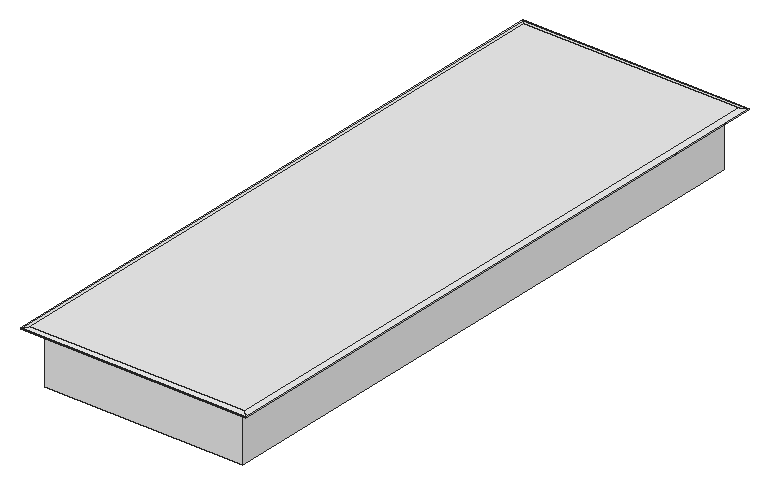
Revit family "Panel_Leviton_Indoor_42Pos", category Electrical Equipment, Revit 2026
Family settings
  Panel Configuration = Two Columns, Circuits Across
  Round Connector Dimension = Use Diameter
  Part Type = Panelboard
  Classification Number = 23.80.30.11.17
  Work Plane-Based = Yes
  Always vertical = No
  Cut with Voids When Loaded = No
  Maintain Annotation Orientation = No
  Shared = No
  Room Calculation Point = No
Parameters (values of type "LP420-MB - 240V / 200A")
  Voltage_MEP = 208 V
  Voltage Comments = "208"
  Unit Width = 0.000"
  Unit Height = 0.000"
  Unit Depth = 0.000"
  Test Data = ""
  built-in parameter 1140142 [instance] = -1
  Specification = ""
  Show Open in Plan [instance] = yes
  Sales Information = ""
  Revision = ""
  Recess [instance] = 2.000"
  Product Data = ""
  Overall Width = 16.250"
  Overall Height = 45.330"
  Neutral Rating = 100.00%
  built-in parameter 1140081 [instance] = (empty or 0)
  Model = "LP420-MB"
  built-in parameter 1140079 [instance] = 42
  Manufacturer Website = ""
  Manufacturer Phone - Toll Free = ""
  Manufacturer Phone = ""
  Manufacturer Fax = ""
  Manufacturer Address = ""
  Mains Type = "Main Breaker "
  built-in parameter 1140082 [instance] = 100 (stored number, unit not read)
  built-in parameter 1140140 [instance] = 200 (stored number, unit not read)
  Load Classification [instance] = Other
  Installation-Fabrication = ""
  Green Building-LEED = ""
  built-in parameter 1155100 [instance] = -1
  built-in parameter 1140138 [instance] = (empty or 0)
  Face Overlap = 0.980"
  Drawn By = ""
  built-in parameter 1140064 [instance] = (empty or 0)
  Description = "Indoor Load Center; NEMA 1; with Main Circuit Breaker; 200A; 42 Spaces; 22 KA interrupt rating; Enclosure and Interior only"
  Default Elevation = 48.000"
  Copyright = ""
  Construction Details = ""
  Closed [instance] = not(Show Open in Plan)  # no
  Category = ""
  built-in parameter 1140143 = (empty or 0)
  Building Codes = ""
  Body = Galvanized Steel_White Powder Coat
Reference planes (in)
  plane 1 "Center (Front/Back)": y = 0
  plane 2: z = 0
  plane 3 "Center (Left/Right)": x = 0
  plane 4 "DoorBack": y = 45.33
  plane 5 "Left": x = -8.125
  plane 6 "Right": x = 8.125
  plane 7 "Back": z = -2
  plane 8 "Front": z = 1.8
  plane 9 "DoorFront": z = 2.125
  plane 10: x = -7.145
  plane 11: x = 7.145
  plane 12: y = 44.35
  plane 13: y = 0.98
  plane 14: y = 22.665
  plane 15: x = -6.25066
  plane 16: x = -5.30056
  plane 17: x = 6.25066
  plane 18: x = 5.30056
  plane 19: y = 35.26687
  plane 20: y = 36.21687
  plane 21: y = 3.98687
  plane 22: y = 4.93687
Forms (in)
  Extrusion 1, solid, material "Galvanized Steel_White Powder Coat" <- "Body"
    sketch origin (0, 0, -2) x (-1, 0, 0) y (0, -1, 0)
      loop
        line (7.145, -44.35) -> (7.145, -0.98) -> (-7.145, -0.98) -> (-7.145, -44.35) -> (7.145, -44.35)
    from 0 to 3.8
  Extrusion 2, solid, material "Galvanized Steel_White Powder Coat" <- "Body"
    sketch origin (0, 0, 1.8) x (-1, 0, 0) y (0, -1, 0)
      loop
        line (8.125, -45.33) -> (8.125, 0) -> (-8.125, 0) -> (-8.125, -45.33) -> (8.125, -45.33)
    from 0 to 0.063
  Blend 3, solid, material "Galvanized Steel_White Powder Coat" <- "Body"
    base sketch origin (0, 0, 1.8) x (-1, 0, 0) y (0, -1, 0)
      loop
        line (-8.125, -45.33) -> (8.125, -45.33) -> (8.125, 0) -> (-8.125, 0) -> (-8.125, -45.33)
    top sketch origin (0, 0, 1.8) x (-1, 0, 0) y (0, -1, 0)
      loop
        line (-7.745, -44.95) -> (7.745, -44.95) -> (7.745, -0.38) -> (-7.745, -0.38) -> (-7.745, -44.95)
    from 0.063 to 0.13
  Blend 4, solid, material "Galvanized Steel_White Powder Coat" <- "Body", visible <- "Closed"
    base sketch origin (0, 0, 1.8) x (-1, 0, 0) y (0, -1, 0)
      loop
        arc (4.90066, -36.21687) -> (5.85525, -35.82146) -> (6.25066, -34.86687) r 1.35
        line (6.25066, -34.86687) -> (6.25066, -5.33687)
        arc (6.25066, -5.33687) -> (5.85525, -4.38227) -> (4.90066, -3.98687) r 1.35
        line (4.90066, -3.98687) -> (-4.90066, -3.98687)
        arc (-4.90066, -3.98687) -> (-5.85525, -4.38227) -> (-6.25066, -5.33687) r 1.35
        line (-6.25066, -5.33687) -> (-6.25066, -34.86687)
        arc (-6.25066, -34.86687) -> (-5.85525, -35.82146) -> (-4.90066, -36.21687) r 1.35
        line (-4.90066, -36.21687) -> (4.90066, -36.21687)
    top sketch origin (0, 0, 1.8) x (-1, 0, 0) y (0, -1, 0)
      loop
        arc (4.90056, -35.26687) -> (5.1834, -35.14971) -> (5.30056, -34.86687) r 0.4
        line (5.30056, -34.86687) -> (5.30056, -5.33687)
        arc (5.30056, -5.33687) -> (5.1834, -5.05403) -> (4.90056, -4.93687) r 0.4
        line (4.90056, -4.93687) -> (-4.90056, -4.93687)
        arc (-4.90056, -4.93687) -> (-5.1834, -5.05403) -> (-5.30056, -5.33687) r 0.4
        line (-5.30056, -5.33687) -> (-5.30056, -34.86687)
        arc (-5.30056, -34.86687) -> (-5.1834, -35.14971) -> (-4.90056, -35.26687) r 0.4
        line (-4.90056, -35.26687) -> (4.90056, -35.26687)
    from 0.13 to 0.325
  Blend 5, solid, material "Black", visible <- "Closed", detail levels fine
    base sketch origin (0.96316, -0.72503, 2.125) x (-1, 0, 0) y (0, -1, 0)
      loop
        line (-1.4525, -21.45439) -> (-1.4525, -19.20439) -> (-3.7025, -19.20439) -> (-3.7025, -21.45439) -> (-1.4525, -21.45439)
    top sketch origin (0.96316, -0.72503, 2.125) x (-1, 0, 0) y (0, -1, 0)
      loop
        line (-1.7025, -21.20439) -> (-1.7025, -19.45439) -> (-3.4525, -19.45439) -> (-3.4525, -21.20439) -> (-1.7025, -21.20439)
    from 0 to 0.25
  Extrusion 6, void
    sketch origin (0, 0, 2.125) x (-1, 0, 0) y (0, -1, 0)
      loop
        line (-3.59066, -34.00687) -> (3.59066, -34.00687)
        arc (3.59066, -34.00687) -> (3.90886, -33.87507) -> (4.04066, -33.55687) r 0.45
        line (4.04066, -33.55687) -> (4.04066, -6.64687)
        arc (4.04066, -6.64687) -> (3.90886, -6.32867) -> (3.59066, -6.19687) r 0.45
        line (3.59066, -6.19687) -> (-3.59066, -6.19687)
        arc (-3.59066, -6.19687) -> (-3.90886, -6.32867) -> (-4.04066, -6.64687) r 0.45
        line (-4.04066, -6.64687) -> (-4.04066, -17.72187)
        arc (-4.04066, -17.72187) -> (-3.90886, -18.04007) -> (-3.59066, -18.17187) r 0.45
        line (-3.59066, -18.17187) -> (-2.49066, -18.17187)
        arc (-2.49066, -18.17187) -> (-2.17246, -18.30367) -> (-2.04066, -18.62187) r 0.45
        line (-2.04066, -18.62187) -> (-2.04066, -20.72187)
        arc (-2.04066, -20.72187) -> (-2.17246, -21.04007) -> (-2.49066, -21.17187) r 0.45
        line (-2.49066, -21.17187) -> (-3.59066, -21.17187)
        arc (-3.59066, -21.17187) -> (-3.90886, -21.30367) -> (-4.04066, -21.62187) r 0.45
        line (-4.04066, -21.62187) -> (-4.04066, -33.55687)
        arc (-4.04066, -33.55687) -> (-3.90886, -33.87507) -> (-3.59066, -34.00687) r 0.45
    from 0 to -0.125
Cuts and joins
  Extrusion 6 cuts Blend 4
  Extrusion 6 cuts Blend 5
Dimensions and locks (in)
  "Recess": level to plane 7 "Back"
  locked: plane 8 "Front" to plane 7 "Back" at 3.8
  locked: plane 9 "DoorFront" to plane 7 "Back" at 4.125
  plane 6 "Right" to plane 5 "Left" = 16.250"
  equal spacing: plane 6 "Right", plane 3 "Center (Left/Right)", plane 5 "Left"
  equal spacing: plane 1 "Center (Front/Back)", plane 14, plane 4 "DoorBack"
  "Overall Height": plane 1 "Center (Front/Back)" to plane 4 "DoorBack"
  "Overall Width": plane 5 "Left" to plane 6 "Right"
  "Face Overlap": plane 11 to plane 6 "Right"
  "Face Overlap": plane 5 "Left" to plane 10
  "Face Overlap": plane 1 "Center (Front/Back)" to plane 13
  "Face Overlap": plane 12 to plane 4 "DoorBack"
  locked: Extrusion 2 to plane 8 "Front" at 0.063
  locked: Blend 3 to plane 8 "Front" at 0.13
  Extrusion 6 sketch curve to plane 21 = 14.185"
  plane 1 "Center (Front/Back)" to plane 21 to plane 20 = 3.98687", 32.230"
  aligned and locked: level to plane 2
  aligned and locked: Extrusion 1 sketch curve to plane 12
  aligned and locked: plane 10 to Extrusion 1 sketch curve
  aligned and locked: plane 13 to Extrusion 1 sketch curve
  aligned and locked: Extrusion 1 sketch curve to plane 11
  aligned and locked: plane 8 "Front" to Extrusion 1
  aligned and locked: nested 1 to plane 7 "Back"
  aligned and locked: plane 3 "Center (Left/Right)" to nested 1
  aligned and locked: plane 4 "DoorBack" to Extrusion 2 sketch curve
  aligned and locked: plane 5 "Left" to Extrusion 2 sketch curve
  aligned and locked: Extrusion 2 sketch curve to plane 1 "Center (Front/Back)"
  aligned and locked: Extrusion 2 sketch curve to plane 6 "Right"
  aligned and locked: Blend 3 sketch curve to Extrusion 2  (x4)
  aligned and locked: Blend 4 sketch curve to plane 20
  aligned and locked: Blend 4 sketch curve to plane 15
  aligned and locked: plane 21 to Blend 4 sketch curve
  aligned and locked: plane 17 to Blend 4 sketch curve
  aligned and locked: Blend 4 sketch curve to plane 19
  aligned and locked: Blend 4 sketch curve to plane 16
  aligned and locked: plane 22 to Blend 4 sketch curve
  aligned and locked: plane 18 to Blend 4 sketch curve
  aligned and locked: plane 9 "DoorFront" to Blend 4
  aligned and locked: plane 1 "Center (Front/Back)" to nested 2
  aligned and locked: plane 5 "Left" to nested 2
  aligned and locked: plane 12 to nested 3
Automatic sketch dimensions
  Blend 3 sketch curve to plane 6 "Right" = 0.380"
  plane 5 "Left" to Blend 3 sketch curve = 0.380"
  plane 4 "DoorBack" to Blend 3 sketch curve = 0.380"
  Blend 3 sketch curve to plane 1 "Center (Front/Back)" = 0.380"
  plane 18 to Blend 4 sketch curve = 0.3999"  (x2)
  Blend 4 sketch curve to plane 16 = 0.3999"  (x2)
  Blend 4 sketch curve to Blend 4 sketch curve = 0.400"
  plane 18 to Blend 4 sketch curve = 0.400"
  Blend 4 sketch curve to plane 16 = 0.400"  (x2)
  plane 18 to Blend 5 sketch curve = 0.6349"
  plane 3 "Center (Left/Right)" to Blend 5 sketch curve = 2.41566"
  Blend 5 sketch curve to plane 14 = 1.93563"
  Blend 5 sketch curve to Blend 5 sketch curve = 2.250"
  plane 18 to Blend 5 sketch curve = 0.8849"
  plane 3 "Center (Left/Right)" to Blend 5 sketch curve = 2.66566"
  Blend 5 sketch curve to plane 14 = 2.18563"
  Blend 5 sketch curve to Blend 5 sketch curve = 1.750"
  plane 18 to Extrusion 6 sketch curve = 1.2599"  (x2)
  Extrusion 6 sketch curve to Extrusion 6 sketch curve = 0.450"  (x6)
  Extrusion 6 sketch curve to Extrusion 6 sketch curve = 1.100"  (x2)
  Extrusion 6 sketch curve to plane 16 = 1.7099"  (x2)
  Extrusion 6 sketch curve to Extrusion 6 sketch curve = 2.100"
  Extrusion 6 sketch curve to plane 19 = 1.710"
  plane 22 to Extrusion 6 sketch curve = 1.710"
Nested families (in)
  nested 1: "TopView" at (0, 0, -2) x (1, 0, 0) z (0, -1, 0), type "TopView"
  nested 2: "FrontView_42pos" at (-8.125, 0, 1.93), type "FrontView"
  nested 3: "SideView" at (0, 44.35, -2) x (0, -1, 0) z (1, 0, 0), type ""
Definition of nested family "TopView"
  Parameters
    Door Open = no
    Door Closed = not(Door Open)  # yes
  Reference planes (in)
    plane 1 "Center (Front/Back)": y = 0
    plane 2: z = 0
    plane 3 "Center (Left/Right)": x = 0
  Lines and regions (in)
    model lines, in view "Ref. Level", detail levels medium+fine
      curve 1: line (4.94027, 3.90972, 0) -> (4.94027, 3.80065, 0)
      curve 38: arc (-4.83599, 4.22807, 0) -> (-4.87112, 4.19359, 0) -> (-4.884, 4.14609, 0) r 0.09401
      curve 39: arc (-4.69598, 4.14609, 0) -> (-4.72308, 4.21212, 0) -> (-4.78875, 4.24009, 0) r 0.09401
      curve 40: arc (-4.66798, 4.14609, 0) -> (-4.70327, 4.23192, 0) -> (-4.78875, 4.26809, 0) r 0.12201
      curve 41: arc (-4.83599, 4.25909, 0) -> (-4.89127, 4.21412, 0) -> (-4.912, 4.14594, 0) r 0.12201
      curve 110: arc (7.02974, 0.06351, 0) -> (7.05223, 0.07285, 0) -> (7.06149, 0.09537, 0) r 0.03175
      curve 111: arc (7.02974, 0, 0) -> (7.09704, 0.02784, 0) -> (7.125, 0.0951, 0) r 0.09526
      curve 112: arc (-7.06149, 0.09526, 0) -> (-7.05219, 0.07281, 0) -> (-7.02974, 0.06351, 0) r 0.03175
      curve 113: arc (-7.125, 0.0951, 0) -> (-7.09704, 0.02784, 0) -> (-7.02974, 0, 0) r 0.09526
      curve 224: line (-4.69598, 4.14609, 0) -> (-4.69598, 4.12674, 0)
      curve 225: line (-4.90052, 3.90972, 0) -> (-4.884, 4.12674, 0)
      curve 226: line (-4.884, 4.12674, 0) -> (-4.884, 4.14609, 0)
      curve 227: line (-4.66798, 4.12674, 0) -> (-4.66798, 4.14609, 0)
      curve 245: line (-8.11885, 3.80065, 0) -> (8.11885, 3.80065, 0)
      curve 246: line (8.11885, 3.80065, 0) -> (8.12672, 3.85918, 0)
      curve 247: line (8.12672, 3.85918, 0) -> (-8.12672, 3.85918, 0)
      curve 248: line (-8.12672, 3.85918, 0) -> (-8.11885, 3.80065, 0)
      curve 249: line (-8.12672, 3.85918, 0) -> (-7.75082, 3.90972, 0)
      curve 250: line (-7.75082, 3.90972, 0) -> (7.75082, 3.90972, 0)
      curve 251: line (7.75082, 3.90972, 0) -> (8.12672, 3.85918, 0)
      curve 252: line (-6.25066, 3.90972, 0) -> (-5.30056, 4.12674, 0)
      curve 253: line (-4.912, 4.12674, 0) -> (-4.912, 4.14594, 0)
      curve 254: line (4.90052, 3.90972, 0) -> (4.90052, 4.12674, 0)
      curve 255: line (4.90052, 4.12674, 0) -> (5.30056, 4.12674, 0)
      curve 256: line (5.30056, 4.12674, 0) -> (6.25066, 3.90972, 0)
      curve 257: line (4.90052, 4.12674, 0) -> (-5.30056, 4.12674, 0)
      curve 266: line (6.93873, 0.09526, 0) -> (6.93873, 0.18127, 0)
      curve 267: line (6.93873, 0.18127, 0) -> (6.96573, 0.18127, 0)
      curve 268: line (6.96573, 0.18127, 0) -> (6.96573, 3.67839, 0)
      curve 269: line (6.95573, 3.67839, 0) -> (6.95573, 3.74239, 0)
      curve 270: line (6.95573, 3.74239, 0) -> (7.05781, 3.74239, 0)
      curve 271: line (7.05824, 3.7554, 0) -> (5.65059, 3.7554, 0)
      curve 272: line (5.65059, 3.7554, 0) -> (5.65059, 3.73064, 0)
      curve 273: line (5.65059, 3.73064, 0) -> (5.35056, 3.73064, 0)
      curve 274: line (5.35056, 3.73064, 0) -> (5.35056, 3.7554, 0)
      curve 275: line (5.35056, 3.7554, 0) -> (-5.35056, 3.7554, 0)
      curve 276: line (-5.35056, 3.7554, 0) -> (-5.35056, 3.73064, 0)
      curve 277: line (-5.35056, 3.73064, 0) -> (-5.65059, 3.73064, 0)
      curve 278: line (-5.65059, 3.73064, 0) -> (-5.65059, 3.7554, 0)
      curve 279: line (-5.65059, 3.7554, 0) -> (-7.05824, 3.7554, 0)
      curve 280: line (-7.05824, 3.74239, 0) -> (-6.95573, 3.74239, 0)
      curve 281: line (-6.95573, 3.74239, 0) -> (-6.95573, 3.67839, 0)
      curve 282: line (-6.96573, 3.67839, 0) -> (-6.96573, 0.18127, 0)
      curve 283: line (-6.96573, 0.18127, 0) -> (-6.93873, 0.18127, 0)
      curve 284: line (-6.93873, 0.18127, 0) -> (-6.93873, 0.09526, 0)
      curve 285: line (-6.93873, 0.09526, 0) -> (6.93873, 0.09526, 0)
      curve 286: line (6.93873, 0.09526, 0) -> (6.93873, 0, 0)
      curve 287: line (6.93873, 0, 0) -> (-6.93873, 0, 0)
      curve 288: line (-6.93873, 0, 0) -> (-6.93873, 0.09526, 0)
      curve 289: line (5.37557, 3.73064, 0) -> (5.37557, 3.78715, 0)
      curve 290: line (5.37557, 3.78715, 0) -> (5.35056, 3.80065, 0)
      curve 291: line (5.35056, 3.80065, 0) -> (5.35056, 3.7554, 0)
      curve 292: line (-5.35056, 3.7554, 0) -> (-5.35056, 3.80065, 0)
      curve 293: line (-5.35056, 3.80065, 0) -> (-5.37557, 3.80065, 0)
      curve 294: line (-5.37557, 3.80065, 0) -> (-5.37557, 3.73064, 0)
      curve 295: line (-7.05567, 3.67839, 0) -> (-7.05824, 3.7554, 0)
      curve 296: line (-7.05824, 3.7554, 0) -> (-7.05824, 3.80065, 0)
      curve 297: line (-7.05824, 3.80065, 0) -> (-7.05824, 0.09526, 0)
      curve 298: line (-5.62559, 3.73064, 0) -> (-5.62559, 3.78715, 0)
      curve 299: line (-5.62559, 3.78715, 0) -> (-5.65059, 3.80065, 0)
      curve 300: line (-5.65059, 3.80065, 0) -> (-5.65059, 3.7554, 0)
      curve 301: line (5.65059, 3.7554, 0) -> (5.65059, 3.80065, 0)
      curve 302: line (5.65059, 3.80065, 0) -> (5.62559, 3.80065, 0)
      curve 303: line (5.62559, 3.80065, 0) -> (5.62559, 3.73064, 0)
      curve 304: line (7.06149, 0.09537, 0) -> (7.06149, 3.80065, 0)
      curve 305: line (7.06149, 3.80065, 0) -> (7.05824, 3.7554, 0)
      curve 306: line (7.05824, 3.7554, 0) -> (7.05567, 3.67839, 0)
      curve 307: line (6.96573, 0.18127, 0) -> (7.06099, 0.18127, 0)
      curve 308: line (7.06099, 0.18127, 0) -> (7.06099, 3.67839, 0)
      curve 309: line (7.06099, 3.67839, 0) -> (6.96573, 3.67839, 0)
      curve 310: line (-6.96573, 3.67839, 0) -> (-7.06099, 3.67839, 0)
      curve 311: line (-7.06099, 3.67839, 0) -> (-7.06099, 0.18127, 0)
      curve 312: line (-7.06099, 0.18127, 0) -> (-6.96573, 0.18127, 0)
      curve 313: line (7.02974, 0, 0) -> (6.96573, 0, 0)
      curve 314: line (6.96573, 0, 0) -> (6.96573, 0.06351, 0)
      curve 315: line (6.96573, 0.06351, 0) -> (7.02974, 0.06351, 0)
      curve 316: line (7.02974, 0.06351, 0) -> (7.02974, 0, 0)
      curve 317: line (-6.96573, 0, 0) -> (-6.96573, 0.06351, 0)
      curve 318: line (-6.96573, 0.06351, 0) -> (-7.02974, 0.06351, 0)
      curve 319: line (-7.02974, 0.06351, 0) -> (-7.02974, 0, 0)
      curve 320: line (-7.02974, 0, 0) -> (-6.96573, 0, 0)
      curve 321: line (-6.96573, 0, 0) -> (-6.93873, 0, 0)
      curve 322: line (7.125, 3.80065, 0) -> (7.125, 0.0951, 0)
      curve 323: line (-6.96573, 0.06351, 0) -> (-6.93873, 0.06351, 0)
      curve 324: line (-7.125, 3.80065, 0) -> (-7.125, 0.0951, 0)
      curve 325: line (6.96573, 0.06351, 0) -> (6.93873, 0.06351, 0)
      curve 326: line (6.96573, 0, 0) -> (6.93873, 0, 0)
      curve 327: line (-6.99216, 3.67839, 0) -> (-6.99216, 3.74239, 0)
      curve 328: line (6.99216, 3.74239, 0) -> (6.99216, 3.67839, 0)
    model lines, in view "Ref. Level", visible <- "Door Open", detail levels medium+fine
      curve 2: line (-4.737, 11.40265, 0) -> (-4.68798, 11.40265, 0)
      curve 3: line (-4.737, 11.34272, 0) -> (-4.68798, 11.34351, 0)
      curve 4: line (-4.68798, 11.34351, 0) -> (-4.41295, 11.35765, 0)
      curve 22: spline (-4.91614, 13.55261, 0) -> (-4.91646, 13.55062, 0) -> (-4.91675, 13.54863, 0) -> (-4.91701, 13.54665, 0) -> (-4.91725, 13.54466, 0) -> (-4.91745, 13.54268, 0) -> (-4.91763, 13.5407, 0) -> (-4.91779, 13.53872, 0) -> (-4.91791, 13.53675, 0) -> (-4.91801, 13.53479, 0) -> (-4.91808, 13.53283, 0) -> (-4.91812, 13.53088, 0) -> (-4.91814, 13.52894, 0)
      curve 23: spline (-4.91814, 11.30157, 0) -> (-4.91812, 11.29963, 0) -> (-4.91808, 11.29768, 0) -> (-4.91801, 11.29572, 0) -> (-4.91791, 11.29376, 0) -> (-4.91779, 11.29179, 0) -> (-4.91763, 11.28982, 0) -> (-4.91745, 11.28784, 0) -> (-4.91725, 11.28585, 0) -> (-4.91701, 11.28387, 0) -> (-4.91675, 11.28188, 0) -> (-4.91646, 11.27989, 0) -> (-4.91614, 11.2779, 0)
      curve 24: arc (-4.91614, 13.57762, 0) -> (-4.91625, 13.56512, 0) -> (-4.91614, 13.55261, 0) r 0.71636
      curve 25: arc (-4.91614, 11.2779, 0) -> (-4.91625, 11.2654, 0) -> (-4.91614, 11.2529, 0) r 0.71643
      curve 26: spline (-4.94036, 13.55593, 0) -> (-4.94066, 13.55367, 0) -> (-4.94092, 13.5514, 0) -> (-4.94115, 13.54914, 0) -> (-4.94134, 13.54688, 0) -> (-4.9415, 13.54462, 0) -> (-4.94162, 13.54237, 0) -> (-4.94171, 13.54012, 0) -> (-4.94177, 13.53787, 0) -> (-4.94179, 13.53563, 0) -> (-4.94177, 13.53339, 0) -> (-4.94173, 13.53116, 0) -> (-4.94164, 13.52894, 0)
      curve 27: arc (-4.94026, 13.55666, 0) -> (-4.9282, 13.55462, 0) -> (-4.91614, 13.55261, 0) r 5.78509
      curve 28: arc (-4.91614, 13.57762, 0) -> (-4.93231, 13.5713, 0) -> (-4.94036, 13.55593, 0) r 0.02476
      curve 29: arc (-4.91614, 11.2779, 0) -> (-4.9282, 11.27589, 0) -> (-4.94026, 11.27385, 0) r 6.20132
      curve 30: spline (-4.94164, 11.30157, 0) -> (-4.94173, 11.29929, 0) -> (-4.94177, 11.297, 0) -> (-4.94179, 11.2947, 0) -> (-4.94176, 11.2924, 0) -> (-4.9417, 11.29009, 0) -> (-4.9416, 11.28778, 0) -> (-4.94147, 11.28546, 0) -> (-4.9413, 11.28314, 0) -> (-4.94109, 11.28082, 0) -> (-4.94085, 11.2785, 0) -> (-4.94057, 11.27618, 0) -> (-4.94026, 11.27385, 0)
      curve 31: arc (-4.94026, 11.27385, 0) -> (-4.93203, 11.25896, 0) -> (-4.91614, 11.2529, 0) r 0.02476
      curve 32: arc (-4.98091, 13.44235, 0) -> (-4.98335, 13.42658, 0) -> (-4.98091, 13.41081, 0) r 0.05201
      curve 33: arc (-4.98091, 11.41971, 0) -> (-4.98335, 11.40394, 0) -> (-4.98091, 11.38816, 0) r 0.05201
      curve 34: arc (-4.91814, 13.5776, 0) -> (-4.93261, 13.57282, 0) -> (-4.94163, 13.56053, 0) r 0.025
      curve 35: arc (-4.94164, 11.27003, 0) -> (-4.93263, 11.2577, 0) -> (-4.91814, 11.25291, 0) r 0.025
      curve 36: arc (-4.98091, 13.44235, 0) -> (-4.98473, 13.42678, 0) -> (-4.98601, 13.41081, 0) r 0.10001
      curve 37: arc (-4.98601, 11.41972, 0) -> (-4.98473, 11.40373, 0) -> (-4.98091, 11.38816, 0) r 0.10001
      curve 42: arc (-4.737, 12.98823, 0) -> (-4.75081, 13.0217, 0) -> (-4.78425, 13.03557, 0) r 0.04725
      curve 43: arc (-4.78425, 4.98523, 0) -> (-4.75086, 4.99904, 0) -> (-4.737, 5.0324, 0) r 0.04725
      curve 114: line (-4.737, 12.95204, 0) -> (-4.58797, 12.95464, 0)
      curve 115: line (-4.58797, 13.20101, 0) -> (-4.78875, 13.20452, 0)
      curve 116: line (-4.737, 11.46515, 0) -> (-4.68798, 11.46274, 0)
      curve 117: line (-4.68798, 11.46274, 0) -> (-4.58797, 11.46448, 0)
      curve 118: line (-4.58797, 11.71086, 0) -> (-4.68798, 11.7126, 0)
      curve 119: line (-4.68798, 11.7126, 0) -> (-4.737, 11.71018, 0)
      curve 120: line (-4.737, 11.34148, 0) -> (-4.68798, 11.34221, 0)
      curve 121: line (-4.68798, 11.34221, 0) -> (-4.70298, 11.31583, 0)
      curve 122: line (-4.70298, 11.31583, 0) -> (-4.41295, 11.31329, 0)
      curve 123: line (-4.41295, 11.78419, 0) -> (-4.58797, 11.78267, 0)
      curve 124: line (-4.58797, 11.78267, 0) -> (-4.58797, 11.58767, 0)
      curve 125: line (-4.58797, 11.58767, 0) -> (-4.58797, 11.39267, 0)
      curve 126: line (-4.58797, 11.39267, 0) -> (-4.41295, 11.39115, 0)
      curve 127: line (-4.41295, 11.39115, 0) -> (-4.68798, 11.38525, 0)
      curve 187: line (-4.94164, 13.52894, 0) -> (-4.91814, 13.52894, 0)
      curve 188: line (-4.91814, 13.52894, 0) -> (-4.91814, 11.30157, 0)
      curve 189: line (-4.91814, 11.30157, 0) -> (-4.94164, 11.30157, 0)
      curve 190: line (-4.94164, 11.30157, 0) -> (-4.94164, 13.52894, 0)
      curve 191: line (-4.94164, 13.52894, 0) -> (-4.98091, 13.41081, 0)
      curve 192: line (-4.98091, 13.41081, 0) -> (-4.98601, 11.41972, 0)
      curve 193: line (-4.83599, 13.55331, 0) -> (-4.91614, 13.55261, 0)
      curve 194: line (-4.91614, 11.2779, 0) -> (-4.83599, 11.2772, 0)
      curve 195: line (-4.91614, 13.57762, 0) -> (-4.83599, 13.57832, 0)
      curve 196: line (-4.83599, 11.2522, 0) -> (-4.91614, 11.2529, 0)
      curve 197: line (-4.98091, 13.41081, 0) -> (-4.98091, 11.41971, 0)
      curve 198: line (-4.98091, 11.41971, 0) -> (-4.94164, 11.30157, 0)
      curve 199: line (-4.98091, 13.44235, 0) -> (-4.94163, 13.56053, 0)
      curve 200: line (-4.94164, 11.27003, 0) -> (-4.98091, 11.38816, 0)
      curve 201: line (-4.68798, 11.7094, 0) -> (-4.68798, 11.8039, 0)
      curve 202: line (-4.68798, 11.8039, 0) -> (-4.62097, 11.80449, 0)
      curve 203: line (-4.62097, 11.80449, 0) -> (-4.62097, 11.82769, 0)
      curve 204: line (-4.68798, 11.34351, 0) -> (-4.68798, 11.40265, 0)
      curve 205: line (-4.68798, 11.40265, 0) -> (-4.68798, 11.46593, 0)
      curve 206: line (-4.33794, 11.31264, 0) -> (-4.33794, 11.82835, 0)
      curve 207: line (-4.33794, 11.82835, 0) -> (-4.41295, 11.82769, 0)
      curve 208: line (-4.41295, 11.82769, 0) -> (-4.41295, 11.31329, 0)
      curve 209: line (-4.41295, 11.31329, 0) -> (-4.33794, 11.31264, 0)
      curve 210: line (-4.70298, 13.20302, 0) -> (-4.70298, 13.41468, 0)
      curve 211: line (-4.70298, 13.41468, 0) -> (-4.33794, 13.41786, 0)
      curve 212: line (-4.33794, 13.41786, 0) -> (-4.33794, 13.27735, 0)
      curve 213: line (-4.33794, 13.27735, 0) -> (-4.58797, 13.27517, 0)
      curve 214: line (-4.58797, 13.27517, 0) -> (-4.58797, 12.88048, 0)
      curve 215: line (-4.58797, 12.88048, 0) -> (-4.33794, 12.8783, 0)
      curve 216: line (-4.33794, 12.8783, 0) -> (-4.33794, 13.27735, 0)
      curve 217: line (-4.41295, 11.82769, 0) -> (-4.70298, 11.82769, 0)
      curve 218: line (-4.70298, 11.82769, 0) -> (-4.70298, 12.95263, 0)
      curve 219: line (-4.33794, 11.82835, 0) -> (-4.33794, 12.8783, 0)
      curve 220: line (-4.78875, 13.41745, 0) -> (-4.62097, 13.41599, 0)
      curve 221: line (-4.62097, 13.41599, 0) -> (-4.61897, 13.60288, 0)
      curve 222: line (-4.61897, 13.60288, 0) -> (-4.57358, 13.58454, 0)
      curve 223: line (-4.57358, 13.58454, 0) -> (-4.50596, 13.42742, 0)
      curve 228: line (-4.78875, 13.89841, 0) -> (-4.83599, 13.89841, 0)
      curve 229: line (-4.83599, 13.89841, 0) -> (-4.83599, 13.52337, 0)
      curve 230: line (-4.83599, 13.52337, 0) -> (-4.78875, 13.52337, 0)
      curve 231: line (-4.78875, 13.52337, 0) -> (-4.78875, 13.89841, 0)
      curve 232: line (-4.83599, 13.52337, 0) -> (-4.83599, 4.49742, 0)
      curve 233: line (-4.83599, 4.49742, 0) -> (-4.78875, 4.49742, 0)
      curve 234: line (-4.78875, 4.49742, 0) -> (-4.78875, 13.52337, 0)
      curve 235: line (-4.83599, 4.12674, 0) -> (-4.83599, 4.49742, 0)
      curve 236: line (-4.78875, 4.12674, 0) -> (-4.78875, 4.49742, 0)
      curve 237: line (-4.78875, 13.03557, 0) -> (-4.78425, 12.53827, 0)
      curve 238: line (-4.737, 12.98823, 0) -> (-4.737, 12.53827, 0)
      curve 239: line (-4.737, 12.53827, 0) -> (-4.78425, 12.53827, 0)
      curve 240: line (-4.78425, 12.53827, 0) -> (-4.78425, 5.48253, 0)
      curve 241: line (-4.78875, 5.48253, 0) -> (-4.737, 5.48253, 0)
      curve 242: line (-4.737, 5.48253, 0) -> (-4.737, 5.0324, 0)
      curve 243: line (-4.737, 12.53827, 0) -> (-4.737, 5.48253, 0)
      curve 244: line (-4.78425, 4.98523, 0) -> (-4.78425, 5.48253, 0)
    model lines, in view "Ref. Level", detail levels fine
      curve 5: line (-5.24241, -0.05001, 0) -> (-5.22042, -0.06276, 0)
      curve 6: line (-5.07101, -0.07859, 0) -> (-5.04971, -0.06624, 0)
      curve 7: line (-5.24064, -0.08229, 0) -> (-5.2204, -0.09403, 0)
      curve 8: line (-5.22001, -0.06613, 0) -> (-5.2412, -0.07842, 0)
      curve 9: line (-5.05113, -0.06207, 0) -> (-5.07193, -0.05001, 0)
      curve 10: line (-5.05096, -0.09342, 0) -> (-5.07065, -0.082, 0)
      curve 11: line (5.04867, -0.05001, 0) -> (5.07066, -0.06276, 0)
      curve 12: line (5.22007, -0.07859, 0) -> (5.24137, -0.06624, 0)
      curve 13: line (5.05044, -0.08229, 0) -> (5.07068, -0.09403, 0)
      curve 14: line (5.07107, -0.06613, 0) -> (5.04989, -0.07842, 0)
      curve 15: line (5.23995, -0.06207, 0) -> (5.21915, -0.05001, 0)
      curve 16: line (5.24012, -0.09342, 0) -> (5.22043, -0.082, 0)
      curve 17: line (-3.25803, -0.09526, 0) -> (-3.22159, -0.11648, 0)
      curve 18: line (-3.03786, -0.14078, 0) -> (-3.01413, -0.12695, 0)
      curve 19: line (-3.00592, -0.11434, 0) -> (-3.03736, -0.09604, 0)
      curve 20: line (-3.22217, -0.12038, 0) -> (-3.24334, -0.13271, 0)
      curve 21: line (0.09254, -0.12054, 0) -> (0.12346, -0.10253, 0)
      curve 44: line (-5.134, -0.11651, 0) -> (-5.07243, -0.10999, 0)
      curve 45: line (-5.2204, -0.09403, 0) -> (-5.07101, -0.07859, 0)
      curve 46: line (-5.22042, -0.06276, 0) -> (-5.08425, -0.05001, 0)
      curve 47: line (-5.134, -0.11651, 0) -> (-5.05396, -0.09964, 0)
      curve 48: line (-5.24064, -0.08229, 0) -> (-5.0956, -0.07159, 0)
      curve 49: line (-5.0956, -0.07159, 0) -> (-5.04971, -0.06624, 0)
      curve 50: line (-5.2412, -0.07842, 0) -> (-5.0956, -0.06768, 0)
      curve 51: line (-5.0956, -0.06768, 0) -> (-5.05113, -0.06207, 0)
      curve 52: line (-5.0609, -0.09621, 0) -> (-5.23213, -0.10463, 0)
      curve 53: line (-5.21919, -0.0973, 0) -> (-5.07065, -0.082, 0)
      curve 54: line (-5.22001, -0.06613, 0) -> (-5.07216, -0.0509, 0)
      curve 55: line (5.15709, -0.11651, 0) -> (5.21865, -0.10999, 0)
      curve 56: line (5.07068, -0.09403, 0) -> (5.22007, -0.07859, 0)
      curve 57: line (5.07066, -0.06276, 0) -> (5.20684, -0.05001, 0)
      curve 58: line (5.15709, -0.11651, 0) -> (5.23712, -0.09964, 0)
      curve 59: line (5.05044, -0.08229, 0) -> (5.19548, -0.07159, 0)
      curve 60: line (5.19548, -0.07159, 0) -> (5.24137, -0.06624, 0)
      curve 61: line (5.04989, -0.07842, 0) -> (5.19548, -0.06768, 0)
      curve 62: line (5.19548, -0.06768, 0) -> (5.23995, -0.06207, 0)
      curve 63: line (5.23018, -0.09621, 0) -> (5.05896, -0.10463, 0)
      curve 64: line (5.07189, -0.0973, 0) -> (5.22043, -0.082, 0)
      curve 65: line (5.07107, -0.06613, 0) -> (5.21893, -0.0509, 0)
      curve 66: line (-3.11662, -0.15089, 0) -> (-3.01152, -0.12419, 0)
      curve 67: line (-3.02263, -0.11939, 0) -> (-3.24334, -0.13271, 0)
      curve 68: line (-3.11014, -0.15089, 0) -> (-3.03786, -0.14078, 0)
      curve 69: line (-3.22159, -0.11648, 0) -> (-3.05778, -0.09526, 0)
      curve 70: line (-3.22217, -0.12038, 0) -> (-3.03736, -0.09604, 0)
      curve 71: line (-3.0522, -0.15089, 0) -> (-3.11014, -0.15089, 0)
      curve 72: line (0.02553, -0.13651, 0) -> (0.09771, -0.12925, 0)
      curve 73: line (-0.04574, -0.13651, 0) -> (0.04183, -0.11951, 0)
      curve 74: line (-0.04574, -0.13651, 0) -> (0.09103, -0.12113, 0)
      curve 75: line (0.09102, -0.12618, 0) -> (0.02553, -0.13651, 0)
      curve 76: arc (0.77424, 0.59341, 0) -> (0, 3.34485, 0) -> (-0.77424, 0.59341, 0) r 1.48466
      curve 77: arc (0.74329, 0.62435, 0) -> (0, 2.8448, 0) -> (-0.74329, 0.62435, 0) r 1.23463
      curve 78: arc (0.70152, 0.66612, 0) -> (0, 2.35975, 0) -> (-0.70152, 0.66612, 0) r 0.9921
      curve 79: arc (-0.74148, 0.62299, 0) -> (0.00022, 0.37554, 0) -> (0.74183, 0.62326, 0) r 1.23463
      curve 80: circle (-5.80061, 1.20013, 0) r 0.9921 normal (0, 0, 1)
      curve 81: circle (-6.20065, 3.00032, 0) r 0.55456 normal (0, 0, 1)
      curve 82: circle (-4.80051, 3.00032, 0) r 0.55456 normal (0, 0, 1)
      curve 83: circle (2.03151, 0.9376, 0) r 0.55456 normal (0, 0, 1)
      curve 84: circle (2.03151, 2.8128, 0) r 0.55456 normal (0, 0, 1)
      curve 85: circle (-2.22023, 3.10633, 0) r 0.43755 normal (0, 0, 1)
      curve 86: circle (-2.22023, 1.9252, 0) r 0.43755 normal (0, 0, 1)
      curve 87: circle (-2.22023, 0.74408, 0) r 0.43755 normal (0, 0, 1)
      curve 88: circle (-3.22034, 2.51576, 0) r 0.43755 normal (0, 0, 1)
      curve 89: circle (-3.22034, 1.33464, 0) r 0.43755 normal (0, 0, 1)
      curve 90: circle (-4.22044, 1.9252, 0) r 0.43755 normal (0, 0, 1)
      curve 91: circle (-4.22044, 0.74408, 0) r 0.43755 normal (0, 0, 1)
      curve 92: circle (2.03151, 0.9376, 0) r 0.43755 normal (0, 0, 1)
      curve 93: circle (0, 1.36764, 0) r 0.68757 normal (0, 0, 1)
      curve 94: circle (0, 1.36764, 0) r 0.43755 normal (0, 0, 1)
      curve 95: circle (2.03151, 2.8128, 0) r 0.43755 normal (0, 0, 1)
      curve 96: circle (-5.80061, 1.20013, 0) r 0.55456 normal (0, 0, 1)
      curve 97: circle (-5.80061, 1.20013, 0) r 0.43755 normal (0, 0, 1)
      curve 98: circle (-4.80051, 3.00032, 0) r 0.43755 normal (0, 0, 1)
      curve 99: circle (-5.80061, 1.20013, 0) r 0.68757 normal (0, 0, 1)
      curve 100: circle (-5.80061, 1.20013, 0) r 0.86709 normal (0, 0, 1)
      curve 101: circle (-6.20065, 3.00032, 0) r 0.43755 normal (0, 0, 1)
      curve 102: circle (3.8004, 1.8752, 0) r 0.55456 normal (0, 0, 1)
      curve 103: circle (3.8004, 1.8752, 0) r 0.43755 normal (0, 0, 1)
      curve 104: circle (5.45057, 1.8526, 0) r 0.43755 normal (0, 0, 1)
      curve 105: circle (6.15065, 2.8027, 0) r 0.43755 normal (0, 0, 1)
      curve 106: circle (3.8004, 1.8752, 0) r 0.68757 normal (0, 0, 1)
      curve 107: circle (4.7505, 0.9025, 0) r 0.43755 normal (0, 0, 1)
      curve 108: circle (6.15065, 0.9025, 0) r 0.43755 normal (0, 0, 1)
      curve 109: circle (4.7505, 2.8027, 0) r 0.43755 normal (0, 0, 1)
      curve 128: line (-5.22025, -0.11651, 0) -> (-5.134, -0.11651, 0)
      curve 129: line (-5.134, -0.11651, 0) -> (-5.07083, -0.11651, 0)
      curve 130: line (-5.07083, -0.11651, 0) -> (-5.05396, -0.09964, 0)
      curve 131: line (5.07083, -0.11651, 0) -> (5.15709, -0.11651, 0)
      curve 132: line (5.15709, -0.11651, 0) -> (5.22025, -0.11651, 0)
      curve 133: line (5.22025, -0.11651, 0) -> (5.23712, -0.09964, 0)
      curve 134: line (-3.11662, -0.15089, 0) -> (-3.24145, -0.13328, 0)
      curve 135: line (-3.24145, -0.13328, 0) -> (-3.22384, -0.15089, 0)
      curve 136: line (0.09254, -0.12054, 0) -> (0.02553, -0.13651, 0)
      curve 137: line (0.02553, -0.13651, 0) -> (-0.04574, -0.13651, 0)
      curve 138: line (-0.04574, -0.13651, 0) -> (-0.10954, -0.11951, 0)
      curve 139: line (-0.10954, -0.11951, 0) -> (-0.09253, -0.13651, 0)
      curve 140: line (-6.55694, 0, 0) -> (-6.55694, -0.05001, 0)
      curve 141: line (-2.93781, 0, 0) -> (-2.93781, -0.02, 0)
      curve 142: line (-2.93781, -0.02, 0) -> (-1.56266, -0.02, 0)
      curve 143: line (-1.56266, -0.02, 0) -> (-1.56266, 0, 0)
      curve 144: line (1.56266, 0, 0) -> (1.56266, -0.02, 0)
      curve 145: line (1.56266, -0.02, 0) -> (2.93781, -0.02, 0)
      curve 146: line (2.93781, -0.02, 0) -> (2.93781, 0, 0)
      curve 147: line (3.8159, 0, 0) -> (3.8159, -0.02, 0)
      curve 148: line (-0.58109, 0, 0) -> (-0.46157, -0.11951, 0)
      curve 149: line (-0.46157, -0.11951, 0) -> (0.46157, -0.11951, 0)
      curve 150: line (0.46157, -0.11951, 0) -> (0.58109, 0, 0)
      curve 151: line (3.56288, 0, 0) -> (3.56288, -0.02, 0)
      curve 152: line (3.56288, -0.02, 0) -> (3.8159, -0.02, 0)
      curve 153: line (3.8159, -0.02, 0) -> (6.28516, -0.02, 0)
      curve 154: line (6.28516, -0.02, 0) -> (6.29291, 0, 0)
      curve 155: line (6.29291, 0, 0) -> (6.29291, -0.05001, 0)
      curve 156: line (6.29291, -0.05001, 0) -> (6.55694, -0.05001, 0)
      curve 157: line (6.55694, -0.05001, 0) -> (6.55694, 0, 0)
      curve 158: line (-3.8159, -0.02, 0) -> (-3.56288, -0.02, 0)
      curve 159: line (-3.56288, -0.02, 0) -> (-3.56288, 0, 0)
      curve 160: line (-2.31974, -0.02, 0) -> (-2.31974, -0.05001, 0)
      curve 161: line (-2.31974, -0.05001, 0) -> (-2.05572, -0.05001, 0)
      curve 162: line (-2.05572, -0.05001, 0) -> (-2.05572, -0.02, 0)
      curve 163: line (2.05572, -0.02, 0) -> (2.05572, -0.05001, 0)
      curve 164: line (2.05572, -0.05001, 0) -> (2.31974, -0.05001, 0)
      curve 165: line (2.31974, -0.05001, 0) -> (2.31974, -0.02, 0)
      curve 166: line (6.55694, -0.05001, 0) -> (6.78271, -0.05001, 0)
      curve 167: line (6.78271, -0.05001, 0) -> (6.78271, 0, 0)
      curve 168: line (-5.29556, -0.02, 0) -> (-5.29556, -0.05001, 0)
      curve 169: line (-5.29556, -0.05001, 0) -> (-4.99553, -0.05001, 0)
      curve 170: line (-4.99553, -0.05001, 0) -> (-4.99553, -0.02, 0)
      curve 171: line (4.99553, -0.02, 0) -> (4.99553, -0.05001, 0)
      curve 172: line (4.99553, -0.05001, 0) -> (5.29556, -0.05001, 0)
      curve 173: line (5.29556, -0.05001, 0) -> (5.29556, -0.02, 0)
      curve 174: line (-6.78271, 0, 0) -> (-6.78271, -0.05001, 0)
      curve 175: line (-6.78271, -0.05001, 0) -> (-6.55694, -0.05001, 0)
      curve 176: line (-6.55694, -0.05001, 0) -> (-6.29291, -0.05001, 0)
      curve 177: line (-6.29291, -0.05001, 0) -> (-6.29291, 0, 0)
      curve 178: line (-6.29291, 0, 0) -> (-6.28516, -0.02, 0)
      curve 179: line (-6.28516, -0.02, 0) -> (-3.8159, -0.02, 0)
      curve 180: line (-3.8159, -0.02, 0) -> (-3.8159, 0, 0)
      curve 181: line (2.95731, 0, 0) -> (2.95731, -0.09526, 0)
      curve 182: line (2.95731, -0.09526, 0) -> (3.30335, -0.09526, 0)
      curve 183: line (3.30335, -0.09526, 0) -> (3.30335, 0, 0)
      curve 184: line (-3.30335, 0, 0) -> (-3.30335, -0.09526, 0)
      curve 185: line (-3.30335, -0.09526, 0) -> (-2.95731, -0.09526, 0)
      curve 186: line (-2.95731, -0.09526, 0) -> (-2.95731, 0, 0)
      curve 258: line (0.77424, 0.59341, 0) -> (0.74329, 0.62435, 0)
      curve 259: line (0.74183, 0.62326, 0) -> (0.70152, 0.66612, 0)
      curve 260: line (-0.77424, 0.59341, 0) -> (-0.74329, 0.62435, 0)
      curve 261: line (-0.74329, 0.62435, 0) -> (-0.70152, 0.66612, 0)
      curve 262: line (6.75071, 0.37504, 0) -> (6.75071, 3.37536, 0)
      curve 263: line (6.75071, 3.37536, 0) -> (2.75029, 3.37536, 0)
      curve 264: line (2.75029, 3.37536, 0) -> (2.75029, 0.37504, 0)
      curve 265: line (2.75029, 0.37504, 0) -> (6.75071, 0.37504, 0)
    detail lines, in view "Ref. Level", visible <- "Door Open", detail levels medium+fine
      curve 329: arc (-4.83599, 13.89841, 0) -> (2.07362, 11.03636, 0) -> (4.93568, 4.12674, 0) r 9.77167
Definition of nested family "FrontView_42pos"
  Parameters
    Default Elevation = 48.000"
  Reference planes (in)
    plane 1 "Center (Front/Back)": y = 0
    plane 2: z = 0
    plane 3 "Center (Left/Right)": x = 0
  Lines and regions (in)
    Filled region 1, type "Indoor_Front.dwg-1", in view "Ref. Level"
      outline origin (0, 0, 0) x (1, 0, 0) y (0, 1, 0)
        loop
          line (12.26857, 24.23407) -> (12.38019, 24.1674) -> (12.52439, 24.53559) -> (12.26857, 24.23407)
    model lines
      curve 1: line (7.48416, 31.78181, 0) -> (7.03966, 31.78181, 0)
      curve 2: line (7.03966, 30.95672, 0) -> (7.48416, 30.95672, 0)
      curve 3: line (10.69863, 20.64683, 0) -> (10.69863, 20.65683, 0)
      curve 4: line (10.64122, 20.64683, 0) -> (10.64122, 20.65683, 0)
      curve 5: line (10.69863, 19.60672, 0) -> (10.69863, 19.61672, 0)
      curve 6: line (10.64122, 19.60672, 0) -> (10.64122, 19.61672, 0)
      curve 7: line (5.55481, 21.69694, 0) -> (5.55481, 21.68694, 0)
      curve 8: line (5.61222, 21.68694, 0) -> (5.61222, 21.69694, 0)
      curve 9: line (5.55481, 19.61672, 0) -> (5.55481, 19.60672, 0)
      curve 10: line (5.61222, 19.60672, 0) -> (5.61222, 19.61672, 0)
      curve 11: line (10.69863, 21.68694, 0) -> (10.69863, 21.69694, 0)
      curve 12: line (10.64122, 21.68694, 0) -> (10.64122, 21.69694, 0)
      curve 13: line (5.55481, 20.65683, 0) -> (5.55481, 20.64683, 0)
      curve 14: line (5.61222, 20.64683, 0) -> (5.61222, 20.65683, 0)
      curve 15: line (5.65222, 20.64683, 0) -> (5.65222, 20.65683, 0)
      curve 16: line (5.65222, 21.68694, 0) -> (5.65222, 21.69694, 0)
      curve 17: line (5.66312, 19.61672, 0) -> (5.65222, 19.60672, 0)
      curve 18: line (5.65222, 19.60672, 0) -> (5.65222, 19.61672, 0)
      curve 19: line (10.60123, 20.64683, 0) -> (10.60123, 20.65683, 0)
      curve 20: line (10.60123, 21.68694, 0) -> (10.60123, 21.69694, 0)
      curve 21: line (10.60123, 19.60672, 0) -> (10.60123, 19.61672, 0)
      curve 22: line (7.54724, 20.64683, 0) -> (7.54724, 20.65683, 0)
      curve 23: line (7.54724, 21.68694, 0) -> (7.54724, 21.69694, 0)
      curve 24: line (7.54724, 19.60672, 0) -> (7.54724, 19.61672, 0)
      curve 25: line (8.7062, 20.64683, 0) -> (8.7062, 20.65683, 0)
      curve 26: line (8.7062, 21.68694, 0) -> (8.7062, 21.69694, 0)
      curve 27: line (8.7062, 19.60672, 0) -> (8.7062, 19.61672, 0)
      curve 28: line (9.8312, 19.60672, 0) -> (9.8312, 19.61672, 0)
      curve 29: line (9.8312, 21.68694, 0) -> (9.8312, 21.69694, 0)
      curve 30: line (9.8312, 20.64683, 0) -> (9.8312, 20.65683, 0)
      curve 31: line (6.42225, 19.60672, 0) -> (6.42225, 19.61672, 0)
      curve 32: line (6.42225, 21.68694, 0) -> (6.42225, 21.69694, 0)
      curve 33: line (6.42225, 20.64683, 0) -> (6.42225, 20.65683, 0)
      curve 34: line (9.89619, 20.64683, 0) -> (9.89619, 20.65683, 0)
      curve 35: line (9.89619, 19.60672, 0) -> (9.89619, 19.61672, 0)
      curve 36: line (9.89619, 21.68694, 0) -> (9.89619, 21.69694, 0)
      curve 37: line (6.35725, 19.60672, 0) -> (6.35725, 19.61672, 0)
      curve 38: line (6.35725, 21.68694, 0) -> (6.35725, 21.69694, 0)
      curve 39: line (6.35725, 20.64683, 0) -> (6.35725, 20.65683, 0)
      curve 40: line (10.69863, 23.76716, 0) -> (10.69863, 23.77716, 0)
      curve 41: line (10.64122, 23.77716, 0) -> (10.64122, 23.76716, 0)
      curve 42: line (10.69863, 24.80727, 0) -> (10.69863, 24.81727, 0)
      curve 43: line (10.64122, 24.81727, 0) -> (10.64122, 24.80727, 0)
      curve 44: line (5.61222, 24.81727, 0) -> (5.61222, 24.80727, 0)
      curve 45: line (5.55481, 24.81727, 0) -> (5.55481, 24.80727, 0)
      curve 46: line (5.61222, 23.77716, 0) -> (5.61222, 23.76716, 0)
      curve 47: line (5.55481, 23.77716, 0) -> (5.55481, 23.76716, 0)
      curve 48: line (10.69863, 25.84738, 0) -> (10.69863, 25.85738, 0)
      curve 49: line (10.64122, 25.85738, 0) -> (10.64122, 25.84738, 0)
      curve 50: line (10.69863, 26.88749, 0) -> (10.69863, 26.89749, 0)
      curve 51: line (10.64122, 26.89749, 0) -> (10.64122, 26.88749, 0)
      curve 52: line (10.69863, 27.9276, 0) -> (10.69863, 27.9376, 0)
      curve 53: line (10.64122, 27.9376, 0) -> (10.64122, 27.9276, 0)
      curve 54: line (5.61222, 27.9376, 0) -> (5.61222, 27.9276, 0)
      curve 55: line (5.55481, 27.9376, 0) -> (5.55481, 27.9276, 0)
      curve 56: line (5.61222, 25.85738, 0) -> (5.61222, 25.84738, 0)
      curve 57: line (5.55481, 25.85738, 0) -> (5.55481, 25.84738, 0)
      curve 58: line (5.55481, 22.73032, 0) -> (5.55481, 22.73705, 0)
      curve 59: line (5.61222, 22.73705, 0) -> (5.61222, 22.73032, 0)
      curve 60: line (10.69863, 22.73032, 0) -> (10.69863, 22.73705, 0)
      curve 61: line (10.64122, 22.73705, 0) -> (10.64122, 22.73013, 0)
      curve 62: line (5.61222, 26.89749, 0) -> (5.61222, 26.88749, 0)
      curve 63: line (5.55481, 26.89749, 0) -> (5.55481, 26.88749, 0)
      curve 64: line (10.60123, 23.77716, 0) -> (10.60123, 23.76716, 0)
      curve 65: line (10.60123, 24.81727, 0) -> (10.60123, 24.80727, 0)
      curve 66: line (10.60123, 25.85738, 0) -> (10.60123, 25.84738, 0)
      curve 67: line (10.60123, 26.89749, 0) -> (10.60123, 26.88749, 0)
      curve 68: line (10.60123, 27.9376, 0) -> (10.60123, 27.9276, 0)
      curve 69: line (5.65222, 23.77716, 0) -> (5.65222, 23.76716, 0)
      curve 70: line (5.65222, 24.81727, 0) -> (5.65222, 24.80727, 0)
      curve 71: line (5.65222, 25.85738, 0) -> (5.65222, 25.84738, 0)
      curve 72: line (5.65222, 26.89749, 0) -> (5.65222, 26.88749, 0)
      curve 73: line (5.65222, 27.9376, 0) -> (5.65222, 27.9276, 0)
      curve 74: line (7.54724, 23.77716, 0) -> (7.54724, 23.76716, 0)
      curve 75: line (7.54724, 24.81727, 0) -> (7.54724, 24.80727, 0)
      curve 76: line (7.54724, 25.85738, 0) -> (7.54724, 25.84738, 0)
      curve 77: line (7.54724, 26.89749, 0) -> (7.54724, 26.88749, 0)
      curve 78: line (7.54724, 27.9376, 0) -> (7.54724, 27.9276, 0)
      curve 79: line (8.7062, 23.77716, 0) -> (8.7062, 23.76716, 0)
      curve 80: line (8.7062, 24.81727, 0) -> (8.7062, 24.80727, 0)
      curve 81: line (8.7062, 25.85738, 0) -> (8.7062, 25.84738, 0)
      curve 82: line (8.7062, 26.89749, 0) -> (8.7062, 26.88749, 0)
      curve 83: line (8.7062, 27.9376, 0) -> (8.7062, 27.9276, 0)
      curve 84: line (6.35725, 23.77716, 0) -> (6.35725, 23.76716, 0)
      curve 85: line (6.42225, 23.77716, 0) -> (6.42225, 23.76716, 0)
      curve 86: line (9.8312, 23.77716, 0) -> (9.8312, 23.76716, 0)
      curve 87: line (9.89619, 23.77716, 0) -> (9.89619, 23.76716, 0)
      curve 88: line (6.35725, 24.81727, 0) -> (6.35725, 24.80727, 0)
      curve 89: line (6.42225, 24.81727, 0) -> (6.42225, 24.80727, 0)
      curve 90: line (9.8312, 24.81727, 0) -> (9.8312, 24.80727, 0)
      curve 91: line (9.89619, 24.81727, 0) -> (9.89619, 24.80727, 0)
      curve 92: line (6.35725, 25.85738, 0) -> (6.35725, 25.84738, 0)
      curve 93: line (6.42225, 25.85738, 0) -> (6.42225, 25.84738, 0)
      curve 94: line (9.8312, 25.85738, 0) -> (9.8312, 25.84738, 0)
      curve 95: line (9.89619, 25.85738, 0) -> (9.89619, 25.84738, 0)
      curve 96: line (6.35725, 26.89749, 0) -> (6.35725, 26.88749, 0)
      curve 97: line (6.42225, 26.89749, 0) -> (6.42225, 26.88749, 0)
      curve 98: line (9.8312, 26.89749, 0) -> (9.8312, 26.88749, 0)
      curve 99: line (9.89619, 26.89749, 0) -> (9.89619, 26.88749, 0)
      curve 100: line (6.35725, 27.9376, 0) -> (6.35725, 27.9276, 0)
      curve 101: line (6.42225, 27.9376, 0) -> (6.42225, 27.9276, 0)
      curve 102: line (9.8312, 27.9376, 0) -> (9.8312, 27.9276, 0)
      curve 103: line (9.89619, 27.9376, 0) -> (9.89619, 27.9276, 0)
      curve 104: line (8.75629, 30.60362, 0) -> (7.48416, 30.60362, 0)
      curve 105: line (7.48416, 30.62362, 0) -> (8.75629, 30.62362, 0)
      curve 106: line (8.09922, 34.05151, 0) -> (8.09922, 34.1207, 0)
      curve 107: arc (8.09922, 34.34442, 0) -> (7.97771, 34.19796, 0) -> (8.09922, 34.05151, 0) r 0.14902
      curve 108: arc (8.09922, 34.27522, 0) -> (8.04471, 34.19796, 0) -> (8.09922, 34.1207, 0) r 0.08201
      curve 109: line (8.09922, 34.27522, 0) -> (8.09922, 34.34442, 0)
      curve 110: line (8.15423, 34.34442, 0) -> (8.15423, 34.27522, 0)
      curve 111: arc (8.15423, 34.05151, 0) -> (8.27574, 34.19796, 0) -> (8.15423, 34.34442, 0) r 0.14902
      curve 112: line (8.15423, 34.1207, 0) -> (8.15423, 34.05151, 0)
      curve 113: arc (8.15423, 34.1207, 0) -> (8.20873, 34.19796, 0) -> (8.15423, 34.27522, 0) r 0.08201
      curve 114: arc (8.09922, 34.05151, 0) -> (8.12672, 34.04895, 0) -> (8.15423, 34.05151, 0) r 0.14902
      curve 115: arc (8.15423, 34.34442, 0) -> (8.12672, 34.34698, 0) -> (8.09922, 34.34442, 0) r 0.14902
      curve 116: line (8.15423, 6.10784, 0) -> (8.15423, 6.03864, 0)
      curve 117: arc (8.15423, 5.81493, 0) -> (8.27574, 5.96138, 0) -> (8.15423, 6.10784, 0) r 0.14902
      curve 118: line (8.15423, 5.88412, 0) -> (8.15423, 5.81493, 0)
      curve 119: arc (8.15423, 5.88412, 0) -> (8.20873, 5.96138, 0) -> (8.15423, 6.03864, 0) r 0.08201
      curve 120: line (8.09922, 5.81493, 0) -> (8.09922, 5.88412, 0)
      curve 121: arc (8.09922, 6.10784, 0) -> (7.97771, 5.96138, 0) -> (8.09922, 5.81493, 0) r 0.14902
      curve 122: line (8.09922, 6.03864, 0) -> (8.09922, 6.10784, 0)
      curve 123: arc (8.09922, 6.03864, 0) -> (8.04471, 5.96138, 0) -> (8.09922, 5.88412, 0) r 0.08201
      curve 124: arc (8.09922, 5.81493, 0) -> (8.12672, 5.81237, 0) -> (8.15423, 5.81493, 0) r 0.14902
      curve 125: arc (8.15423, 6.10784, 0) -> (8.12672, 6.1104, 0) -> (8.09922, 6.10784, 0) r 0.14902
      curve 126: line (8.12672, 33.93022, 0) -> (8.12672, 33.87857, 0)
      curve 127: arc (10.07188, 33.43017, 0) -> (9.92542, 33.78376, 0) -> (9.57183, 33.93022, 0) r 0.50005
      curve 128: arc (7.13967, 33.93022, 0) -> (6.78608, 33.78376, 0) -> (6.63962, 33.43017, 0) r 0.50005
      curve 129: arc (6.63962, 30.65809, 0) -> (6.78608, 30.3045, 0) -> (7.13967, 30.15804, 0) r 0.50005
      curve 130: arc (9.57183, 30.15804, 0) -> (9.92542, 30.3045, 0) -> (10.07188, 30.65809, 0) r 0.50005
      curve 131: arc (9.57183, 30.20969, 0) -> (9.88889, 30.34103, 0) -> (10.02022, 30.65809, 0) r 0.4484
      curve 132: arc (10.02022, 33.43017, 0) -> (9.88889, 33.74724, 0) -> (9.57183, 33.87857, 0) r 0.4484
      curve 133: arc (7.13967, 33.87857, 0) -> (6.8226, 33.74724, 0) -> (6.69127, 33.43017, 0) r 0.4484
      curve 134: arc (6.69127, 30.65809, 0) -> (6.8226, 30.34103, 0) -> (7.13967, 30.20969, 0) r 0.4484
      curve 135: arc (6.88904, 30.65809, 0) -> (6.96245, 30.48087, 0) -> (7.13967, 30.40746, 0) r 0.25063
      curve 136: arc (9.82246, 33.43017, 0) -> (9.74905, 33.60739, 0) -> (9.57183, 33.6808, 0) r 0.25063
      curve 137: arc (7.13967, 33.6808, 0) -> (6.96245, 33.60739, 0) -> (6.88904, 33.43017, 0) r 0.25063
      curve 138: arc (9.57183, 30.40746, 0) -> (9.74905, 30.48087, 0) -> (9.82246, 30.65809, 0) r 0.25063
      curve 139: line (8.12672, 33.6808, 0) -> (8.12672, 33.66241, 0)
      curve 140: arc (7.13967, 33.66241, 0) -> (6.97545, 33.59439, 0) -> (6.90743, 33.43017, 0) r 0.23224
      curve 141: arc (9.80407, 33.43017, 0) -> (9.73605, 33.59439, 0) -> (9.57183, 33.66241, 0) r 0.23224
      curve 142: arc (6.90743, 30.65809, 0) -> (6.97545, 30.49387, 0) -> (7.13967, 30.42585, 0) r 0.23224
      curve 143: arc (9.57183, 30.42585, 0) -> (9.73605, 30.49387, 0) -> (9.80407, 30.65809, 0) r 0.23224
      curve 144: arc (7.03966, 30.65809, 0) -> (7.06895, 30.58737, 0) -> (7.13967, 30.55808, 0) r 0.10001
      curve 145: arc (9.57183, 30.55808, 0) -> (9.64254, 30.58737, 0) -> (9.67184, 30.65809, 0) r 0.10001
      curve 146: arc (7.13967, 33.53018, 0) -> (7.06895, 33.50089, 0) -> (7.03966, 33.43017, 0) r 0.10001
      curve 147: arc (9.67184, 33.43017, 0) -> (9.64254, 33.50089, 0) -> (9.57183, 33.53018, 0) r 0.10001
      curve 148: arc (13.02724, 4.93728, 0) -> (13.31011, 5.05445, 0) -> (13.42728, 5.33732, 0) r 0.40004
      curve 149: arc (2.82617, 5.33732, 0) -> (2.94333, 5.05445, 0) -> (3.22621, 4.93728, 0) r 0.40004
      curve 150: arc (3.22621, 35.26708, 0) -> (2.94333, 35.14991, 0) -> (2.82617, 34.86703, 0) r 0.40004
      curve 151: arc (13.42728, 34.86703, 0) -> (13.31011, 35.14991, 0) -> (13.02724, 35.26708, 0) r 0.40004
      curve 152: arc (12.72721, 5.17417, 0) -> (13.01008, 5.29134, 0) -> (13.12725, 5.57421, 0) r 0.40004
      curve 153: arc (13.12274, 34.55294, 0) -> (13.03053, 34.8737, 0) -> (12.72721, 35.01292, 0) r 0.40004
      curve 154: arc (3.52624, 35.01292, 0) -> (3.22292, 34.8737, 0) -> (3.13071, 34.55294, 0) r 0.40004
      curve 155: arc (3.1262, 5.57421, 0) -> (3.16969, 5.3928, 0) -> (3.29073, 5.25084, 0) r 0.40004
      curve 156: arc (3.33798, 5.22124, 0) -> (3.42921, 5.18611, 0) -> (3.52624, 5.17417, 0) r 0.40004
      curve 157: arc (13.12273, 34.61287, 0) -> (13.00689, 34.89255, 0) -> (12.72721, 35.0084, 0) r 0.39553
      curve 158: arc (14.37738, 34.86703, 0) -> (13.98193, 35.82173, 0) -> (13.02724, 36.21718, 0) r 1.35014
      curve 159: arc (3.33798, 5.22636, 0) -> (3.42914, 5.19079, 0) -> (3.52624, 5.17868, 0) r 0.39553
      curve 160: arc (3.13071, 5.57421, 0) -> (3.17297, 5.39632, 0) -> (3.29073, 5.25644, 0) r 0.39553
      curve 161: arc (13.02724, 3.98718, 0) -> (13.98193, 4.38262, 0) -> (14.37738, 5.33732, 0) r 1.35014
      curve 162: arc (3.22621, 36.21718, 0) -> (2.27151, 35.82173, 0) -> (1.87607, 34.86703, 0) r 1.35014
      curve 163: arc (1.87607, 5.33732, 0) -> (2.27151, 4.38262, 0) -> (3.22621, 3.98718, 0) r 1.35014
      curve 164: line (12.71869, 15.19436, 0) -> (12.62268, 15.19436, 0)
      curve 165: arc (11.22647, 5.58273, 0) -> (12.28163, 6.01979, 0) -> (12.71869, 7.07495, 0) r 1.49222
      curve 166: arc (12.71869, 33.11519, 0) -> (12.28163, 34.17035, 0) -> (11.22647, 34.60741, 0) r 1.49222
      curve 167: arc (5.32701, 34.60741, 0) -> (4.27185, 34.17035, 0) -> (3.83479, 33.11519, 0) r 1.49222
      curve 168: arc (3.83479, 7.07495, 0) -> (4.27185, 6.01979, 0) -> (5.32701, 5.58273, 0) r 1.49222
      curve 169: arc (12.62268, 33.11519, 0) -> (12.21374, 34.10246, 0) -> (11.22647, 34.5114, 0) r 1.39621
      curve 170: arc (5.32701, 34.5114, 0) -> (4.33974, 34.10246, 0) -> (3.9308, 33.11519, 0) r 1.39621
      curve 171: arc (11.22647, 5.67874, 0) -> (12.21374, 6.08768, 0) -> (12.62268, 7.07495, 0) r 1.39621
      curve 172: arc (3.9308, 7.07495, 0) -> (4.33974, 6.08768, 0) -> (5.32701, 5.67874, 0) r 1.39621
      curve 173: arc (9.25184, 5.8473, 0) -> (8.12922, 6.22679, 0) -> (7.00661, 5.8473, 0) r 1.85019
      curve 174: arc (7.00661, 34.34284, 0) -> (8.12922, 33.96335, 0) -> (9.25184, 34.34284, 0) r 1.85019
      curve 175: spline (5.65222, 18.57347, 0) -> (5.65216, 18.57349, 0) -> (5.65205, 18.5735, 0) -> (5.65189, 18.57352, 0) -> (5.65168, 18.57353, 0) -> (5.65142, 18.57355, 0) -> (5.65111, 18.57357, 0) -> (5.65075, 18.57358, 0) -> (5.65034, 18.5736, 0) -> (5.64987, 18.57361, 0) -> (5.64936, 18.57363, 0) -> (5.6488, 18.57364, 0) -> (5.6482, 18.57366, 0)
      curve 176: spline (6.42109, 18.57126, 0) -> (6.41281, 18.57126, 0) -> (6.40468, 18.57124, 0) -> (6.39684, 18.57122, 0) -> (6.38941, 18.57119, 0) -> (6.38252, 18.57115, 0) -> (6.37628, 18.5711, 0) -> (6.37079, 18.57104, 0) -> (6.36614, 18.57098, 0) -> (6.36241, 18.57092, 0) -> (6.35966, 18.57085, 0) -> (6.35793, 18.57078, 0) -> (6.35725, 18.57071, 0)
      curve 177: spline (7.59867, 18.57352, 0) -> (7.59268, 18.57351, 0) -> (7.58685, 18.5735, 0) -> (7.58123, 18.57347, 0) -> (7.57586, 18.57345, 0) -> (7.5708, 18.57342, 0) -> (7.56609, 18.57338, 0) -> (7.56177, 18.57335, 0) -> (7.55788, 18.5733, 0) -> (7.55445, 18.57326, 0) -> (7.55152, 18.57321, 0) -> (7.54911, 18.57316, 0) -> (7.54724, 18.57311, 0)
      curve 178: spline (8.70606, 18.57312, 0) -> (8.70416, 18.57317, 0) -> (8.70173, 18.57322, 0) -> (8.69878, 18.57326, 0) -> (8.69535, 18.57331, 0) -> (8.69146, 18.57335, 0) -> (8.68716, 18.57339, 0) -> (8.68246, 18.57342, 0) -> (8.67743, 18.57345, 0) -> (8.67209, 18.57348, 0) -> (8.66651, 18.5735, 0) -> (8.66072, 18.57351, 0) -> (8.65478, 18.57352, 0)
      curve 179: spline (9.89619, 18.57071, 0) -> (9.8955, 18.57078, 0) -> (9.89374, 18.57085, 0) -> (9.89093, 18.57092, 0) -> (9.88712, 18.57099, 0) -> (9.88237, 18.57105, 0) -> (9.87676, 18.5711, 0) -> (9.8704, 18.57115, 0) -> (9.86337, 18.57119, 0) -> (9.85581, 18.57122, 0) -> (9.84784, 18.57125, 0) -> (9.83959, 18.57126, 0) -> (9.8312, 18.57126, 0)
